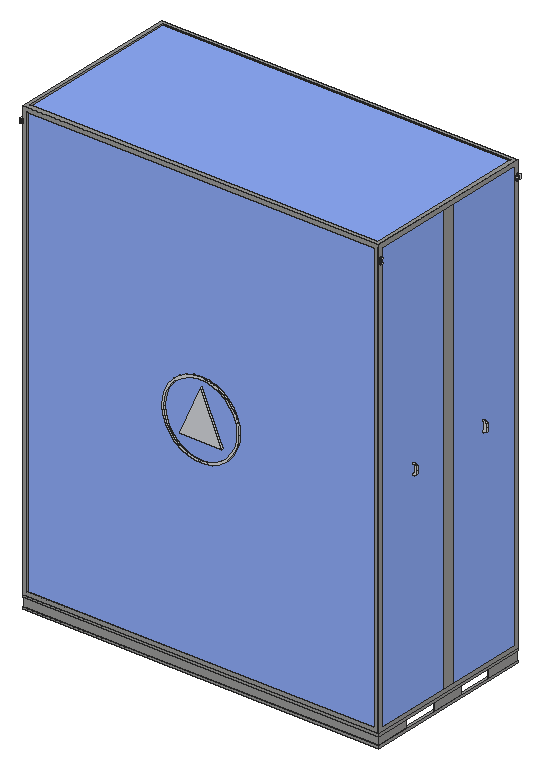
Revit family "1.1 Вентиляторы KORF ANR V2", category Оборудование, Revit 2016
Family settings
  Тип детали = Нормальный
  Размер круглого соединителя = Использовать диаметр
  На основе рабочей плоскости = Нет
  Всегда вертикально = Да
  При загрузке вырезать с полостями = Нет
  Общий = Нет
  Точка расчета площади = Нет
Parameters (values of type "ANR 45 V2.2.")
  привязка значка = Б / 2  # 2045 mm
  значок [instance] = yes
  Ширина = Д - 75 mm  # 1550 mm
  Синий = Синий
  Середина = h + Б1 / 2  # 2165 mm
  Д1 = Д - 20 mm  # 1605 mm
  Д = 1625 mm
  ножки(да/нет) [instance] = yes
  Высота = А - 75 mm  # 3245 mm
  Б1 = Б - 20 mm  # 4070 mm
  А1 = А - 20 mm  # 3300 mm
  А = 3320 mm
  высота ножек = 120 mm
  Б = 4090 mm
  Частотный преобразователь [instance] = no
  Частота вращения n, об/мин = ""
  Тип, марка, обозначение = "ANR 45 V2.2."
  Сила тока J, А = ""
  Регулятор расхода [instance] = no
  Раздел = "ОВ"
  Примечание = ""
  Позиция = ""
  Напряжение U,В = ""
  Наименование и тех.хар-ка = "Секция вентилятора длинная с назад загнутыми лопатками и выбросом вверх"
  Мощность двигателя N,Вт = ""
  Материал = RAL 0000 Серый металл
  Масса единицы = ""
  Код, оборудования = ""
  Ключевая пометка = "Вентиляция"
  Задание электрикам [instance] = no
  Задание автоматчикам [instance] = no
  Завод изготовитель = "KORF"  # constant formula
  Единица измерения = "шт."  # constant formula
  h = высота ножек + 10 mm  # 130 mm
Types (26, lengths in mm): name | привязка значка | Ширина | Середина | Д1 | Д | ножки(да/нет) | Высота | Б1 | А1 | А | Б | Тип, марка, обозначение | Наименование и тех.хар-ка | Материал
  ANR 6 V2.0. | 550 | 1025 | 670 | 1080 | 1100 | no | 1025 | 1080 | 1080 | 1100 | 1100 | "ANR 6 V2.0." | "Секция вентилятора короткая с назад загнутыми лопатками и выбросом вверх" | Сталь серая
  ANR 7 V2.0. | 660 | 1025 | 780 | 1080 | 1100 | no | 1025 | 1300 | 1080 | 1100 | 1320 | "ANR 7 V2.0." | "Секция вентилятора короткая с назад загнутыми лопатками и выбросом вверх" | Сталь серая
  ANR 8 V2.0. | 660 | 1025 | 780 | 1080 | 1100 | no | 1245 | 1300 | 1300 | 1320 | 1320 | "ANR 8 V2.0." | "Секция вентилятора короткая с назад загнутыми лопатками и выбросом вверх" | Сталь серая
  ANR 12 V2.0. | 717.5 | 1025 | 837.5 | 1080 | 1100 | yes | 1360 | 1415 | 1415 | 1435 | 1435 | "ANR 12 V2.0." | "Секция вентилятора короткая с назад загнутыми лопатками и выбросом вверх" | Сталь серая
  ANR 20 V2.0. | 830 | 1025 | 950 | 1080 | 1100 | yes | 1585 | 1640 | 1640 | 1660 | 1660 | "ANR 20 V2.0." | "Секция вентилятора короткая с назад загнутыми лопатками и выбросом вверх" | Сталь серая
  ANR 25 V2.0. | 1022.5 | 1025 | 1142.5 | 1080 | 1100 | yes | 1970 | 2025 | 2025 | 2045 | 2045 | "ANR 25 V2.0." | "Секция вентилятора короткая с назад загнутыми лопатками и выбросом вверх" | Сталь серая
  ANR 30 V2.1. | 1022.5 | 1550 | 1142.5 | 1605 | 1625 | no | 2410 | 2025 | 2465 | 2485 | 2045 | "ANR 30 V2.1." | "Секция вентилятора удлиненная кдлиненная с назад загнутыми лопатками и выбросом вверх" | Сталь серая
  ANR 35 V2.1. | 1242.5 | 2075 | 1362.5 | 2130 | 2150 | no | 2410 | 2465 | 2465 | 2485 | 2485 | "ANR 35 V2.1." | "Секция вентилятора удлиненная с назад загнутыми лопатками и выбросом вверх" | Сталь серая
  ANR 40 V2.1. | 1660 | 1550 | 1780 | 1605 | 1625 | no | 3245 | 3300 | 3300 | 3320 | 3320 | "ANR 40 V2.1." | "Секция вентилятора удлиненная с назад загнутыми лопатками и выбросом вверх" | Сталь серая
  ANR 45 V2.1. | 2045 | 1550 | 2165 | 1605 | 1625 | yes | 3245 | 4070 | 3300 | 3320 | 4090 | "ANR 45 V2.1." | "Секция вентилятора удлиненная с назад загнутыми лопатками и выбросом вверх" | Сталь серая
  ANR 6 V2.1. | 550 | 1550 | 670 | 1605 | 1625 | no | 1025 | 1080 | 1080 | 1100 | 1100 | "ANR 6 V2.1." | "Секция вентилятора удлиненная с назад загнутыми лопатками и выбросом вверх" | Сталь серая
  ANR 6 V2.2. | 550 | 1550 | 670 | 1605 | 1625 | no | 1025 | 1080 | 1080 | 1100 | 1100 | "ANR 6 V2.2." | "Секция вентилятора длинная с назад загнутыми лопатками и выбросом вверх" | Сталь серая
  ANR 7 V2.1. | 660 | 1550 | 780 | 1605 | 1625 | no | 1025 | 1300 | 1080 | 1100 | 1320 | "ANR 7 V2.1." | "Секция вентилятора удлиненная с назад загнутыми лопатками и выбросом вверх" | Сталь серая
  ANR 7 V2.2. | 660 | 1550 | 780 | 1605 | 1625 | no | 1025 | 1300 | 1080 | 1100 | 1320 | "ANR 7 V2.2." | "Секция вентилятора длинная с назад загнутыми лопатками и выбросом вверх" | Сталь серая
  ANR 8 V2.1. | 660 | 1550 | 780 | 1605 | 1625 | no | 1245 | 1300 | 1300 | 1320 | 1320 | "ANR 8 V2.1." | "Секция вентилятора удлиненная с назад загнутыми лопатками и выбросом вверх" | Сталь серая
  ANR 8 V2.2. | 660 | 1550 | 780 | 1605 | 1625 | no | 1245 | 1300 | 1300 | 1320 | 1320 | "ANR 8 V2.2." | "Секция вентилятора длинная с назад загнутыми лопатками и выбросом вверх" | Сталь серая
  ANR 12 V2.1. | 717.5 | 1550 | 837.5 | 1605 | 1625 | yes | 1360 | 1415 | 1415 | 1435 | 1435 | "ANR 12 V2.1." | "Секция вентилятора удлиненная с назад загнутыми лопатками и выбросом вверх" | Сталь серая
  ANR 12 V2.2. | 717.5 | 1550 | 837.5 | 1605 | 1625 | yes | 1360 | 1415 | 1415 | 1435 | 1435 | "ANR 12 V2.2." | "Секция вентилятора длинная с назад загнутыми лопатками и выбросом вверх" | Сталь серая
  ANR 20 V2.1. | 830 | 1550 | 950 | 1605 | 1625 | yes | 1585 | 1640 | 1640 | 1660 | 1660 | "ANR 20 V2.1." | "Секция вентилятора удлиненная с назад загнутыми лопатками и выбросом вверх" | Сталь серая
  ANR 20 V2.2. | 830 | 1550 | 950 | 1605 | 1625 | yes | 1585 | 1640 | 1640 | 1660 | 1660 | "ANR 20 V2.2." | "Секция вентилятора удлиненная с назад загнутыми лопатками и выбросом вверх" | Сталь серая
  ANR 25 V2.1. | 1022.5 | 1550 | 1142.5 | 1605 | 1625 | yes | 1970 | 2025 | 2025 | 2045 | 2045 | "ANR 25 V2.1." | "Секция вентилятора удлиненная с назад загнутыми лопатками и выбросом вверх" | Сталь серая
  ANR 25 V2.2. | 1022.5 | 1550 | 1142.5 | 1605 | 1625 | yes | 1970 | 2025 | 2025 | 2045 | 2045 | "ANR 25 V2.2." | "Секция вентилятора длинная с назад загнутыми лопатками и выбросом вверх" | Сталь серая
  ANR 30 V2.2. | 1022.5 | 1550 | 1142.5 | 1605 | 1625 | no | 2410 | 2025 | 2465 | 2485 | 2045 | "ANR 30 V2.2." | "Секция вентилятора длинная кдлиненная с назад загнутыми лопатками и выбросом вверх" | Сталь серая
  ANR 35 V2.2. | 1242.5 | 2075 | 1362.5 | 2130 | 2150 | no | 2410 | 2465 | 2465 | 2485 | 2485 | "ANR 35 V2.2." | "Секция вентилятора длинная с назад загнутыми лопатками и выбросом вверх" | Сталь серая
  ANR 40 V2.2. | 1660 | 1550 | 1780 | 1605 | 1625 | no | 3245 | 3300 | 3300 | 3320 | 3320 | "ANR 40 V2.2." | "Секция вентилятора длинная с назад загнутыми лопатками и выбросом вверх" | Сталь серая
  ANR 45 V2.2. | 2045 | 1550 | 2165 | 1605 | 1625 | yes | 3245 | 4070 | 3300 | 3320 | 4090 | "ANR 45 V2.2." | "Секция вентилятора длинная с назад загнутыми лопатками и выбросом вверх" | RAL 0000 Серый металл
Reference planes
  plane 1 "По центру (Вперед/Назад)": y = 0
  plane 2: z = 0
  plane 3 "По центру (Влево/Вправо)": x = 0
  plane 4: x = -1650
  plane 5: x = 1650
  plane 6: y = 802.5
  plane 7: y = -802.5
  plane 8: z = 4200
  plane 9: z = 130
  plane 10: y = -152
  plane 11: z = 2165
  plane 12: y = 52.808
  plane 13: y = -52.808
  plane 14: y = 401.25
  plane 15: y = -401.25
  plane 16: z = 4100
  plane 17: x = 574.5
  plane 18: x = 1700
  plane 19: y = -1085
Forms (mm)
  Extrusion 1, solid, material "Синий" <- "Синий", detail levels fine
    sketch origin (0, 0, 50) x (1, 0, 0) y (0, 1, 0)
      loop
        line (-1650, 802.5) -> (-1650, -802.5) -> (1650, -802.5) -> (1650, 802.5) -> (-1650, 802.5)
    from 80 to 4150
  Sweep 2, solid, material "RAL 0000 Серый металл" <- "Материал", detail levels fine
    path origin (1650, -802.5, 50) x (-1, 0, 0) y (0, 0, -1)
      loop
        line (0, -4150) -> (3300, -4150) -> (3300, -80) -> (0, -80) -> (0, -4150)
    profile "Профиль уголок 10х10 : Профиль уголок 10х10" origin (0, -802.5, 4200) x (0, 0, -1) y (0, -1, 0)
      loop
        line (0, -27.5) -> (0, 0) -> (27.5, 0) -> (27.5, 10) -> (-10, 10) -> (-10, -27.5) -> (0, -27.5)
  Sweep 3, solid, material "RAL 0000 Серый металл" <- "Материал", detail levels fine
    path origin (-1650, 802.5, 50) x (1, 0, 0) y (0, 0, -1)
      loop
        line (0, -4150) -> (3300, -4150) -> (3300, -80) -> (0, -80) -> (0, -4150)
    profile "Профиль уголок 10х10 : Профиль уголок 10х10" origin (0, 802.5, 4200) x (0, 0, -1) y (0, 1, 0)
      loop
        line (0, -27.5) -> (0, 0) -> (27.5, 0) -> (27.5, 10) -> (-10, 10) -> (-10, -27.5) -> (0, -27.5)
  Sweep 4, solid, material "RAL 0000 Серый металл" <- "Материал", detail levels fine
    path origin (1650, 802.5, 50) x (0, -1, 0) y (0, 0, -1)
      loop
        line (0, -4150) -> (1605, -4150) -> (1605, -80) -> (0, -80) -> (0, -4150)
    profile "Профиль уголок 10х10 : Профиль уголок 10х10" origin (1650, 0, 4200) x (0, 0, -1) y (1, 0, 0)
      loop
        line (0, -27.5) -> (0, 0) -> (27.5, 0) -> (27.5, 10) -> (-10, 10) -> (-10, -27.5) -> (0, -27.5)
  Sweep 5, solid, material "RAL 0000 Серый металл" <- "Материал", detail levels fine
    path origin (-1650, -802.5, 50) x (0, 1, 0) y (0, 0, -1)
      loop
        line (0, -4150) -> (1605, -4150) -> (1605, -80) -> (0, -80) -> (0, -4150)
    profile "Профиль уголок 10х10 : Профиль уголок 10х10" origin (-1650, 0, 4200) x (0, 0, -1) y (-1, 0, 0)
      loop
        line (0, -27.5) -> (0, 0) -> (27.5, 0) -> (27.5, 10) -> (-10, 10) -> (-10, -27.5) -> (0, -27.5)
  Extrusion 6, void, not visible
    sketch origin (-345, -245, 50) x (0, -1, 0) y (0, 0, -1)
      loop
        line (-477.965, -475) -> (-477.965, -450) -> (-528.913, -450) -> (-528.913, -475) -> (-477.965, -475)
    from -47.452 to 12
  Sweep 7, solid, material "RAL 0000 Серый металл" <- "Материал", detail levels fine
    path origin (0, 0, 0) x (1, 0, 0) y (0, 1, 0)
      loop
        line (-1650, 802.5) -> (-1650, -802.5) -> (1650, -802.5) -> (1650, 802.5) -> (-1650, 802.5)
    profile "Семейство1 : Семейство1" origin (0, 802.5, 0) x (0, 1, 0) y (0, 0, 1)
      loop
        line (-10, 120) -> (-10, 100) -> (-3.38, 100) -> (-3.38, 20) -> (-10, 20) -> (-10, 0) -> (10, 0) -> (10, 20) -> (3.38, 20) -> (3.38, 100) -> (10, 100) -> (10, 120) -> (-10, 120)
  Extrusion 8, void
    sketch origin (0, 0, 0) x (1, 0, 0) y (0, 0, 1)
      loop
        line (152.369, 100) -> (152.369, 20) -> (1458.798, 20) -> (1458.798, 100) -> (152.369, 100)
      loop
        line (-152.369, 100) -> (-1458.798, 100) -> (-1458.798, 20) -> (-152.369, 20) -> (-152.369, 100)
    from -812.5 to 550
  Extrusion 9, void
    sketch origin (0, 0, 0) x (0, 1, 0) y (0, 0, 1)
      loop
        line (-152.418, 100) -> (-479.905, 100) -> (-479.905, 20) -> (-152.418, 20) -> (-152.418, 100)
      loop
        line (152.418, 100) -> (152.418, 20) -> (479.905, 20) -> (479.905, 100) -> (152.418, 100)
    from -1660 to 1700
  Extrusion 10, solid, material "RAL 0000 Серый металл" <- "Материал", detail levels fine
    sketch origin (560, 0, 0) x (0, 1, 0) y (0, 0, 1)
      loop
        line (-52.808, 4172.5) -> (-52.808, 157.5) -> (52.808, 157.5) -> (52.808, 4172.5) -> (-52.808, 4172.5)
    from 1100 to 1090
  Extrusion 11, solid, not visible
    sketch origin (0, -525, 0) x (1, 0, 0) y (0, 0, 1)
      loop
        circle (0, 1780) r 460
      loop
        circle (0, 1780) r 445
      loop
        line (426.726, 1677.5) -> (0, 2222.516) -> (-426.726, 1677.5) -> (426.726, 1677.5)
      loop
        line (-419.172, 1682.5) -> (419.172, 1682.5) -> (0, 2219.031) -> (-419.172, 1682.5)
    from 822.5 to 802.5
Cuts and joins
  joined: Sweep 2, Sweep 3, Sweep 4, Sweep 5
  Extrusion 8, Extrusion 9 cuts Sweep 7
Lines and regions (mm)
  model lines, detail levels coarse
    curve 1: line (-1660, 812.5, 0) -> (1660, 812.5, 0)
    curve 2: line (-1660, -812.5, 0) -> (-1660, 812.5, 0)
    curve 3: line (1660, -812.5, 0) -> (-1660, -812.5, 0)
    curve 4: line (1660, 812.5, 0) -> (1660, -812.5, 0)
    curve 5: circle (0, 0, 0) r 270 normal (0, 0, 1)
    curve 6: line (0, -270, 0) -> (-177.772, 170, 0)
    curve 7: line (-177.772, 170, 0) -> (0, 170, 0)
    curve 8: line (0, -270, 0) -> (177.772, 170, 0)
    curve 9: line (177.772, 170, 0) -> (0, 170, 0)
  model lines, not visible, detail levels coarse
    curve 10: circle (0, 0, 0) r 270 normal (0, 0, 1)
    curve 11: line (0, -270, 0) -> (-177.772, 170, 0)
    curve 12: line (-177.772, 170, 0) -> (0, 170, 0)
    curve 13: line (0, -270, 0) -> (177.772, 170, 0)
    curve 14: line (177.772, 170, 0) -> (0, 170, 0)
  model lines, detail levels medium
    curve 15: line (0, 812.5, 4210) -> (0, -812.5, 4210)
    curve 16: line (0, 812.5, 100) -> (0, 812.5, 4210)
    curve 17: line (0, -812.5, 100) -> (0, 812.5, 100)
    curve 18: line (0, -812.5, 4210) -> (0, -812.5, 100)
  model lines, not visible
    curve 19: circle (0, 0, 670) r 420 normal (1, 0, 0)
    curve 20: line (0, 420, 670) -> (0, -210, 1033.731)
    curve 21: line (0, 420, 670) -> (0, -210, 306.269)
    curve 22: line (0, -210, 1033.731) -> (0, -210, 306.269)
Dimensions and locks
  equal spacing: plane 6, plane 1 "По центру (Вперед/Назад)", plane 7
  "Д1": plane 6 to plane 7
  equal spacing: plane 4, plane 3 "По центру (Влево/Вправо)", plane 5
  "А1": plane 4 to plane 5
  "h": plane 9 to level
  "Б1": plane 8 to plane 9
  cut or joined group of Sweep 2, Sweep 3, Sweep 4, Sweep 5 to level = 120 mm
  locked: plane 3 "По центру (Влево/Вправо)" to cut or joined group of Sweep 7, Extrusion 8, Extrusion 9 at 152.369
  locked: cut or joined group of Sweep 7, Extrusion 8, Extrusion 9 to plane 3 "По центру (Влево/Вправо)" at 152.369
  locked: plane 1 "По центру (Вперед/Назад)" to plane 10 at 152
  "Середина": plane 11 to level
  locked: plane 11 to nested 2 at 55.342
  equal spacing: Extrusion 10 sketch curve, plane 1 "По центру (Вперед/Назад)", Extrusion 10 sketch curve
  plane 13 to plane 1 "По центру (Вперед/Назад)" to plane 12 = 52.808 mm locked, 52.808 mm locked
  plane 15 to plane 1 "По центру (Вперед/Назад)" to plane 14 = 401.25 mm, 401.25 mm
  locked: plane 8 to plane 16 at 100
  Extrusion 10 to plane 17 = 1075.5 mm
  locked: plane 18 to plane 5 at 50
  equal spacing: plane 1 "По центру (Вперед/Назад)", plane 15, plane 7
  equal spacing: plane 6, plane 14, plane 1 "По центру (Вперед/Назад)"
  plane 7 to plane 19 = 282.5 mm
  aligned and locked: level to plane 2
  aligned and locked: Extrusion 1 to plane 6
  aligned and locked: Extrusion 1 to plane 5
  aligned and locked: Extrusion 1 to plane 7
  aligned and locked: Extrusion 1 to plane 4
  aligned and locked: Extrusion 1 to plane 8
  aligned and locked: Extrusion 1 to plane 9
  aligned and locked: Sweep 4 sketch curve to Extrusion 1  (x2)
  aligned and locked: Sweep 5 sketch curve to Extrusion 1  (x2)
  aligned and locked: Sweep 7 sketch curve to Extrusion 1  (x4)
  aligned and locked: Sweep 7 to Extrusion 8
  aligned and locked: cut or joined group of Sweep 2, Sweep 3, Sweep 4, Sweep 5 to Extrusion 9
  aligned and locked: Extrusion 10 to cut or joined group of Sweep 2, Sweep 3, Sweep 4, Sweep 5  (x2)
  aligned and locked: Extrusion 10 to plane 12
  aligned and locked: Extrusion 10 to plane 13
  aligned and locked: nested 2 to plane 14  (x2)
  aligned and locked: nested 3 to plane 15
  aligned and locked: nested 4 to cut or joined group of Sweep 2, Sweep 3, Sweep 4, Sweep 5  (x2)
  aligned and locked: nested 4 to plane 16
  aligned and locked: nested 5 to plane 16
  aligned and locked: cut or joined group of Sweep 2, Sweep 3, Sweep 4, Sweep 5 to nested 5  (x2)
  aligned and locked: cut or joined group of Sweep 2, Sweep 3, Sweep 4, Sweep 5 to nested 4
  aligned and locked: cut or joined group of Sweep 2, Sweep 3, Sweep 4, Sweep 5 to nested 7
  aligned and locked: nested 6 to cut or joined group of Sweep 2, Sweep 3, Sweep 4, Sweep 5
  aligned and locked: plane 16 to nested 7
  aligned and locked: plane 16 to nested 6
  aligned and locked: nested 3 to nested 2
  aligned and locked: cut or joined group of Sweep 2, Sweep 3, Sweep 4, Sweep 5 to Extrusion 10
  aligned and locked: Extrusion 10 to Extrusion 1
  aligned and locked: nested 3 to plane 18
  aligned and locked: nested 2 to plane 18
  aligned and locked: nested 7 to cut or joined group of Sweep 2, Sweep 3, Sweep 4, Sweep 5
  aligned and locked: cut or joined group of Sweep 2, Sweep 3, Sweep 4, Sweep 5 to nested 6
  aligned and locked: plane 15 to nested 3
  aligned and locked: curve 1 to cut or joined group of Sweep 7, Extrusion 8, Extrusion 9
  aligned and locked: curve 2 to cut or joined group of Sweep 7, Extrusion 8, Extrusion 9
  aligned and locked: curve 3 to cut or joined group of Sweep 7, Extrusion 8, Extrusion 9
  aligned and locked: curve 4 to cut or joined group of Sweep 2, Sweep 3, Sweep 4, Sweep 5
  aligned and locked: curve 15 to cut or joined group of Sweep 2, Sweep 3, Sweep 4, Sweep 5
  aligned and locked: curve 16 to cut or joined group of Sweep 2, Sweep 3, Sweep 4, Sweep 5
  aligned and locked: cut or joined group of Sweep 7, Extrusion 8, Extrusion 9 to curve 17
  aligned and locked: curve 18 to cut or joined group of Sweep 2, Sweep 3, Sweep 4, Sweep 5
  aligned and locked: nested 8 to plane 6
  aligned and locked: nested 9 to nested 8
  aligned and locked: plane 11 to nested 9
  aligned and locked: plane 16 to nested 8
  aligned and locked: nested 9 to plane 7
Automatic sketch dimensions
  Extrusion 6 sketch curve to Extrusion 6 sketch curve = 50.949 mm
  Extrusion 6 sketch curve to Extrusion 6 sketch curve = 25 mm
  Extrusion 1 sketch curve to plane 4 = 0 mm
  Extrusion 1 sketch curve to plane 5 = 0 mm
  Extrusion 1 sketch curve to plane 7 = 0 mm
  Extrusion 1 sketch curve to plane 6 = 0 mm
  Sweep 2 sketch curve to Extrusion 1 = 0 mm  (x4)
  Sweep 3 sketch curve to Extrusion 1 = 0 mm  (x3)
  Extrusion 1 to Sweep 3 sketch curve = 0 mm
  Sweep 4 sketch curve to Extrusion 1 = 0 mm  (x2)
  Sweep 5 sketch curve to Extrusion 1 = 0 mm  (x2)
  Extrusion 8 sketch curve to plane 9 = 30 mm  (x2)
  plane 4 to Extrusion 8 sketch curve = 191.202 mm
  level to Extrusion 8 sketch curve = 20 mm  (x2)
  Extrusion 8 sketch curve to plane 3 "По центру (Влево/Вправо)" = 152.369 mm
  plane 3 "По центру (Влево/Вправо)" to Extrusion 8 sketch curve = 152.369 mm
  Extrusion 8 sketch curve to plane 5 = 191.202 mm
  Extrusion 9 sketch curve to plane 9 = 30 mm  (x2)
  plane 15 to Extrusion 9 sketch curve = 78.655 mm
  Extrusion 9 sketch curve to plane 10 = 0.418 mm
  Extrusion 9 sketch curve to plane 12 = 99.611 mm
  plane 14 to Extrusion 9 sketch curve = 78.655 mm
  level to Extrusion 9 sketch curve = 20 mm  (x2)
  Extrusion 10 sketch curve to plane 13 = 0 mm
  plane 9 to Extrusion 10 sketch curve = 27.5 mm
  Extrusion 10 sketch curve to plane 8 = 27.5 mm
  plane 6 to curve 17 = 10 mm
  plane 8 to curve 16 = 10 mm
  Extrusion 11 sketch curve to Extrusion 11 sketch curve = 0 mm  (x5)
  Extrusion 11 sketch curve to Extrusion 11 sketch curve = 7.554 mm  (x2)
  Extrusion 11 sketch curve to Extrusion 11 sketch curve = 439.031 mm
  Extrusion 11 sketch curve to Extrusion 11 sketch curve = 3.484 mm
  Extrusion 11 sketch curve to Extrusion 11 sketch curve = 419.172 mm  (x3)
  Extrusion 11 sketch curve to Extrusion 11 sketch curve = 5 mm
  Extrusion 11 sketch curve to Extrusion 11 sketch curve = 97.5 mm
  radius of Extrusion 11 sketch curve = 460 mm
  radius of Extrusion 11 sketch curve = 445 mm
Nested families
  nested 1: "крепление 15мм" at (-330, 229.965, 495), type "крепление 15мм", not visible
  nested 2: "Ручка" at (1662.018, 411.25, 2167.366), type "Ручка", detail levels fine
  nested 3: "Ручка" at (1662.018, -411.25, 2167.366), type "Ручка", detail levels fine
  nested 4: "крепеж" at (1684.5, -812.5, 4055.175) x (-1, 0, 0) z (0, 0, 1), type "крепеж", detail levels fine
  nested 5: "крепеж" at (1684.5, 812.5, 4055.175) x (-1, 0, 0) z (0, 0, 1), type "крепеж", detail levels fine
  nested 6: "крепеж" at (-1684.5, -812.5, 4055.175), type "крепеж", detail levels fine
  nested 7: "крепеж" at (-1684.5, 812.5, 4055.175), type "крепеж", detail levels fine
  nested 8: "УГО вентилятор (разрез выброс вверх)" at (0, 0, 30) x (0, 1, 0) z (0, 0, 1), длина <- "Д1", высота <- "Б1", type "УГО вентилятор (разрез выброс вверх)", detail levels medium
    with длина 1605 mm, высота 4070 mm, Ширина 0 mm
  nested 9: "Значок вентилятора" at (0, -802.5, 2165), visible <- "значок", type "Значок вентилятора", detail levels fine
  nested 10: "Значок вентилятора" at (0, -560, 2165), visible <- "значок", type "Значок вентилятора", not visible, detail levels fine
Definition of nested family "крепление 15мм"
  Parameters (values of type "крепление 15мм")
    Материал крепления = none
  Reference planes
    plane 1 "По центру (Вперед/Назад)": y = 0
    plane 2: z = 0
    plane 3 "По центру (Влево/Вправо)": x = 0
  Forms (mm)
    Extrusion 1, solid, material <- "Материал крепления"
      sketch origin (0, 0, 0) x (1, 0, 0) y (0, 1, 0)
        loop
          line (-25, 0) -> (0, 0) -> (0, 18.31) -> (0, 25) -> (-3, 25) -> (-3, 3) -> (-25, 3) -> (-25, 0)
      from 0 to 30
    Extrusion 2, void
      sketch origin (0, 0, 0) x (1, 0, 0) y (0, 1, 0)
        loop
          line (-3, 3) -> (-3, 54.96) -> (-58, 54.96) -> (-58, 3) -> (-3, 3)
      from 0 to 15
  Cuts and joins
    Extrusion 2 cuts Extrusion 1
  Dimensions and locks
    Extrusion 1 sketch curve to Extrusion 1 sketch curve = 3 mm  (x2)
    Extrusion 1 sketch curve to Extrusion 1 sketch curve to plane 3 "По центру (Влево/Вправо)" = 25 mm, 0 mm
    Extrusion 1 sketch curve to Extrusion 1 sketch curve = 25 mm
    aligned and locked: level to plane 2
Definition of nested family "Ручка"
  Parameters (values of type "Ручка")
    материал ручки = none
  Reference planes
    plane 1 "По центру (Вперед/Назад)": y = 0
    plane 2: z = 0
    plane 3 "По центру (Влево/Вправо)": x = 0
    plane 4: x = -37.982
    plane 5: x = 37.982
  Forms (mm)
    Extrusion 1, solid, material <- "материал ручки", not visible
      sketch origin (-3.982, 0, -4.834) x (0, 0, 1) y (-1, 0, 0)
        loop
          line (-52.874, -42.815) -> (53.726, -42.815) -> (53.726, 8.783) -> (36.069, 34) -> (1.069, 34) -> (-36.069, 34) -> (-52.874, 10) -> (-52.874, -42.815)
      from 0 to 10
    Extrusion 2, void, not visible
      sketch origin (-3.982, 0, -4.834) x (0, 0, 1) y (-1, 0, 0)
        loop
          line (-37.219, -42.815) -> (37.781, -42.815) -> (37.781, 20.04) -> (-37.219, 20.04) -> (-37.219, -42.815)
      from 0 to 50
    Extrusion 3, solid, material <- "материал ручки"
      sketch origin (3.982, 0, -4.834) x (0, 0, 1) y (-1, 0, 0)
        loop
          line (-52.874, 42.815) -> (-52.874, -10) -> (-36.069, -34) -> (1.069, -34) -> (36.069, -34) -> (53.726, -8.783) -> (53.726, 42.815) -> (-52.874, 42.815)
      from 0 to 10
    Extrusion 4, void
      sketch origin (3.982, 0, -4.834) x (0, 0, 1) y (-1, 0, 0)
        loop
          line (-37.219, 42.815) -> (-37.219, -11.018) -> (37.781, -11.018) -> (37.781, 42.815) -> (-37.219, 42.815)
      from 0 to 50
  Cuts and joins
    Extrusion 4 cuts Extrusion 3
  Dimensions and locks
    aligned and locked: level to plane 2
Definition of nested family "крепеж"
  Parameters (values of type "крепеж")
    Материал крепежа = none
  Reference planes
    plane 1 "По центру (Вперед/Назад)": y = 0
    plane 2: z = 0
    plane 3 "По центру (Влево/Вправо)": x = 0
    plane 4: x = 24.5
    plane 5: z = 22.413
  Forms (mm)
    Extrusion 1, solid, material <- "Материал крепежа"
      sketch origin (0, 0, 0) x (0, 1, 0) y (0, 0, 1)
        loop
          line (0, 44.825) -> (-16.343, 44.825) -> (-24.468, 44.825) -> (-24.468, 42.95) -> (-1.968, 42.95) -> (-1.968, 1.657) -> (-24.468, 1.657) -> (-24.468, 0) -> (-16.343, 0) -> (0, 0) -> (0, 44.825)
      from 0 to 24.5
    Extrusion 2, void
      sketch origin (0.625, 0, -0.625) x (1, 0, 0) y (0, 0, 1)
        loop
          circle (11.121, 22.873) r 5
      from 0 to 250
    Extrusion 3, solid, material <- "Материал крепежа"
      sketch origin (0, 0, 0.175) x (1, 0, 0) y (0, 0, 1)
        loop
          line (24.5, 44.651) -> (22.651, 44.651) -> (22.651, -0.175) -> (24.5, -0.175) -> (24.5, 44.651)
      from 0 to 24.468
    Extrusion 4, void
      sketch origin (0, 0, 0) x (0, 1, 0) y (0, 0, 1)
        loop
          line (-24.468, 28.943) -> (-24.468, 15.882) -> (-9.468, 15.882) -> (-9.468, 28.943) -> (-24.468, 28.943)
      from 0 to 250
    Blend 5, solid
      base sketch origin (0, 0, 0) x (0, 1, 0) y (0, 0, 1)
        loop
          circle (-15.104, 36.823) r 4.161
      top sketch origin (0, 0, 0) x (0, 1, 0) y (0, 0, 1)
        loop
          circle (-15.104, 36.823) r 2.994
      from 22.651 to 19.241
    Blend 6, solid
      base sketch origin (0, 0, 44.825) x (0, 1, 0) y (0, 0, 1)
        loop
          circle (-15.104, -36.823) r 4.161
      top sketch origin (0, 0, 44.825) x (0, 1, 0) y (0, 0, 1)
        loop
          circle (-15.104, -36.823) r 2.994
      from 22.651 to 19.241
  Cuts and joins
    Extrusion 2, Extrusion 4 cuts Extrusion 1
    Extrusion 4 cuts Extrusion 3
    joined: Extrusion 1, Extrusion 3
  Dimensions and locks
    plane 3 "По центру (Влево/Вправо)" to plane 4 = 24.5 mm
    equal spacing: cut or joined group of Extrusion 1, Extrusion 2, Extrusion 3, Extrusion 4, plane 5, cut or joined group of Extrusion 1, Extrusion 2, Extrusion 3, Extrusion 4
    equal spacing: Extrusion 4 sketch curve, plane 5, Extrusion 4 sketch curve
    aligned and locked: level to plane 2
    aligned and locked: plane 4 to Extrusion 1
    aligned and locked: cut or joined group of Extrusion 1, Extrusion 2, Extrusion 3, Extrusion 4 to cut or joined group of Extrusion 1, Extrusion 2, Extrusion 3, Extrusion 4  (x3)
    aligned and locked: cut or joined group of Extrusion 1, Extrusion 2, Extrusion 3, Extrusion 4 to Blend 5
  Automatic sketch dimensions
    Extrusion 1 sketch curve to level = 0 mm
    Extrusion 1 sketch curve to plane 1 "По центру (Вперед/Назад)" = 0 mm
    plane 1 "По центру (Вперед/Назад)" to Extrusion 1 sketch curve = 1.968 mm
    Extrusion 1 sketch curve to Extrusion 1 sketch curve = 14.375 mm  (x2)
    level to Extrusion 1 sketch curve = 1.657 mm
    Extrusion 1 sketch curve to Extrusion 1 sketch curve = 8.125 mm  (x2)
    plane 5 to Extrusion 1 sketch curve = 20.538 mm
    Extrusion 1 sketch curve to Extrusion 1 sketch curve = 1.875 mm
    Extrusion 2 sketch curve to plane 5 = 0.165 mm
    plane 3 "По центру (Влево/Вправо)" to Extrusion 2 sketch curve = 11.746 mm
    Extrusion 3 sketch curve to level = 0 mm
    Extrusion 3 sketch curve to plane 4 = 0 mm
    Extrusion 3 sketch curve to Extrusion 3 sketch curve = 1.849 mm
    plane 5 to Extrusion 3 sketch curve = 22.413 mm
    Extrusion 4 sketch curve to plane 5 = 6.531 mm
    plane 1 "По центру (Вперед/Назад)" to Extrusion 4 sketch curve = 24.468 mm
    plane 1 "По центру (Вперед/Назад)" to Extrusion 4 sketch curve = 9.468 mm
    plane 1 "По центру (Вперед/Назад)" to Blend 5 sketch curve = 15.104 mm  (x2)
    plane 5 to Blend 5 sketch curve = 14.41 mm  (x2)
    Blend 6 sketch curve to plane 1 "По центру (Вперед/Назад)" = 15.104 mm  (x2)
    Blend 6 sketch curve to level = 8.002 mm  (x2)
    radius of Extrusion 2 sketch curve = 5 mm
    radius of Blend 5 sketch curve = 4.161 mm
    radius of Blend 5 sketch curve = 2.994 mm
    radius of Blend 6 sketch curve = 4.161 mm
    radius of Blend 6 sketch curve = 2.994 mm
Definition of nested family "Значок вентилятора"
  Reference planes
    plane 1 "По центру (Вперед/Назад)": y = 0
    plane 2: z = 0
    plane 3 "По центру (Влево/Вправо)": x = 0
  Forms (mm)
    Extrusion 1, solid
      sketch origin (0, 0, 0) x (1, 0, 0) y (0, 0, 1)
        loop
          circle (0, 0) r 360
        loop
          circle (0, 0) r 340
        loop
          line (0, 270) -> (-199.301, -177.637) -> (199.301, -177.637) -> (0, 270)
      from 0 to 10
  Lines and regions (mm)
    model lines
      curve 1: line (180, 0, 0) -> (-215, 0, 0)
      curve 2: line (0, 0, -110) -> (0, 0, 65)
  Dimensions and locks
    aligned and locked: level to plane 2
Definition of nested family "УГО вентилятор (разрез выброс вверх)"
  Parameters (values of type "УГО вентилятор (разрез выброс вверх)")
    длина [instance] = 750 mm
    высота [instance] = 410 mm
    Ширина [instance] = 410 mm
    Частота вращения n, об/мин = ""
    Тип, марка, обозначение = ""
    Сила тока J, А = ""
    Раздел = ""
    Примечание = ""
    Позиция = ""
    Default Elevation = 1219.2 mm
    Напряжение U,В = ""
    Наименование и тех.хар-ка = ""
    Мощность двигателя N,Вт = ""
    Материал = none
    Масса единицы = ""
    Код, оборудования = ""
    Keynote = ""
    Завод изготовитель = ""
    Единица измерения = ""
    Диаметр = 110 mm
  Reference planes
    plane 1 "По центру (Вперед/Назад)": y = 0
    plane 2: z = 0
    plane 3 "По центру (Влево/Вправо)": x = 0
    plane 4: z = 410
    plane 5: x = 375
    plane 6: x = -375
    plane 7: z = 205
  Lines and regions (mm)
    model lines
      curve 1: circle (0, 0, 205) r 110 normal (0, -1, 0)
      curve 2: line (0, 0, 315) -> (-96.309, 0, 151.854)
      curve 3: line (0, 0, 315) -> (96.309, 0, 151.854)
      curve 4: line (-375, 0, 0) -> (375, 0, 0)
      curve 5: line (-375, 0, 410) -> (-375, 0, 0)
      curve 6: line (375, 0, 410) -> (-375, 0, 410)
      curve 7: line (375, 0, 0) -> (375, 0, 410)
      curve 8: line (-96.309, 0, 151.854) -> (96.309, 0, 151.854)
  Dimensions and locks
    equal spacing: plane 5, plane 3 "По центру (Влево/Вправо)", plane 6
    "длина": plane 5 to plane 6
    "высота": plane 4 to level
    equal spacing: plane 4, plane 7, plane 2
    radius of curve 1 = 110 mm
    aligned and locked: level to plane 2
  Automatic sketch dimensions
    curve 5 to plane 4 = 0 mm
    curve 5 to plane 6 = 0 mm
    curve 1 to plane 3 "По центру (Влево/Вправо)" = 0 mm
    curve 2 to plane 3 "По центру (Влево/Вправо)" = 0 mm
    curve 7 to plane 5 = 0 mm
    curve 4 to level = 0 mm
    curve 1 to plane 7 = 0 mm
    curve 2 to plane 7 = 53.146 mm
    curve 8 to curve 2 = 0 mm
    curve 3 to plane 7 = 53.146 mm
